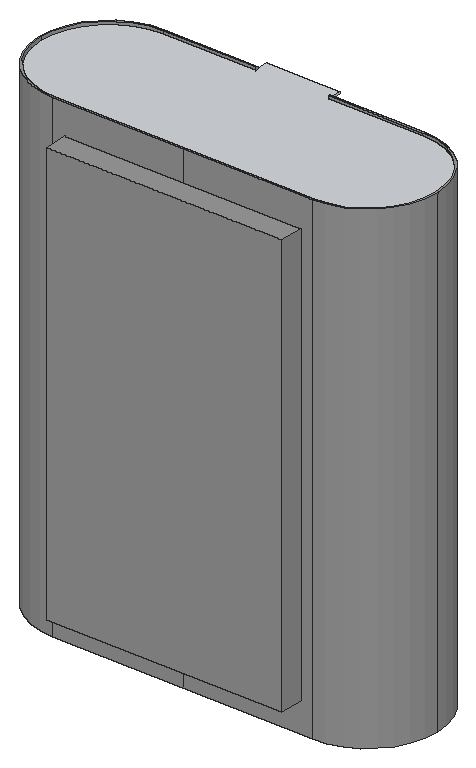
Revit family "3300 Bjørk_Sanitary bin", category Furniture Systems, host Wall, Revit 2018
Family settings
  Host = Wall
  Round Connector Dimension = Use Diameter
  Part Type = Normal
  Always vertical = Yes
  Cut with Voids When Loaded = No
  Shared = No
  Room Calculation Point = No
Parameters (values of type "WHITE")
  Surface Top = WHITE
  Surface Frame = WHITE
  Surface Bottom = WHITE
  Open = no
  Offset from floor = 150 mm
  Closed = yes
Reference planes
  plane 1 "Wall": y = 0
  plane 2 "Center (Left/Right)": x = 125
  plane 3 "Back": y = 75
Text (mm)
  text "Placement Side" at (-1848.837, 1116.779, 0), in view "Ref. Level"
  text "Placement side" at (0, 1409.804, 2854.306), in view "Left"
  text "Placement side" at (0, 499.811, 2980.732), in view "Right"
Dimensions and locks
  locked: plane 3 "Back" to host wall
  "Offset from floor": nested 1 to level
  aligned and locked: plane 1 "Wall" to host wall
  aligned and locked: plane 3 "Back" to nested 1
Nested families
  nested 1: "Master Björk Sanitary bin" at (125, 151.5, 150) x (-1, 0, 0) z (0, 0, 1), type "Master Björk Sanitary bin"
    with Open no
Definition of nested family "Master Björk Sanitary bin"
  Parameters (values of type "Master Björk Sanitary bin")
    Surface Top = none
    Surface Frame = none
    Surface Bottom = none
    Open = yes
    Closed = yes
  Reference planes
    plane 1 "Center (Front/Back)": y = 0
    plane 2: z = 0
    plane 3 "Center (Left/Right)": x = 0
  Dimensions and locks
    aligned and locked: level to plane 2
  Nested families
    nested 1: "Top - Bottom" at (0, 0, 0), visible <- "Closed", type "Top - Bottom"
    nested 2: "Frame" at (0, 0, 0), type "Frame"
    nested 3: "Top - Bottom Open" at (0, 0, 0), visible <- "Open", type "Top - Bottom Open"
  Definition of nested family "Top - Bottom"
    Parameters (values of type "Top - Bottom")
      Surface Frame = none
      Surface Bottom = none
    Reference planes
      plane 1 "Center (Front/Back)": y = 0
      plane 2: z = 0
      plane 3 "Center (Left/Right)": x = 0
    Forms (mm)
      Extrusion 1, solid, material <- "Surface Bottom"
        sketch origin (0, 129.723, 20) x (0, -1, 0) y (1, 0, 0)
          loop
            arc (73.723, -107.5) -> (90.125, -147.098) -> (129.723, -163.5) r 56
            arc (129.723, -163.5) -> (169.321, -147.098) -> (185.723, -107.5) r 56
            line (185.723, -107.5) -> (185.723, 107.5)
            arc (185.723, 107.5) -> (169.321, 147.098) -> (129.723, 163.5) r 56
            arc (129.723, 163.5) -> (90.125, 147.098) -> (73.723, 107.5) r 56
            line (73.723, 107.5) -> (73.723, -107.5)
        from 0 to 1.5
      Extrusion 2, solid
        sketch origin (0, 129.723, 396.5) x (0, -1, 0) y (1, 0, 0)
          loop
            arc (73.723, -107.5) -> (90.125, -147.098) -> (129.723, -163.5) r 56
            arc (129.723, -163.5) -> (169.321, -147.098) -> (185.723, -107.5) r 56
            line (185.723, -107.5) -> (185.723, -30) -> (197.223, -30) -> (197.223, 0) -> (197.223, 30) -> (185.723, 30) -> (185.723, 107.5)
            arc (185.723, 107.5) -> (169.321, 147.098) -> (129.723, 163.5) r 56
            arc (129.723, 163.5) -> (90.125, 147.098) -> (73.723, 107.5) r 56
            line (73.723, 107.5) -> (73.723, -107.5)
        from 0 to 1.5
    Lines and regions (mm)
      reference lines
        curve 1: line (0, 129.723, 396.5) -> (0, -190.277, 396.5)
        curve 2: line (0, 129.723, 20) -> (0, -150.277, 20)
    Dimensions and locks
      aligned and locked: level to plane 2
  Definition of nested family "Frame"
    Parameters (values of type "Frame")
      Surface Top = none
      Surface Frame = none
      Surface Bottom = none
    Reference planes
      plane 1 "Center (Front/Back)": y = 0
      plane 2: z = 0
      plane 3 "Center (Left/Right)": x = 0
    Forms (mm)
      Extrusion 1, solid, material <- "Surface Frame"
        sketch origin (0, 0, 0) x (1, 0, 0) y (0, 1, 0)
          loop
            line (0, 57.5) -> (-107.5, 57.5)
            arc (-107.5, 57.5) -> (-148.159, 40.659) -> (-165, 0) r 57.5
            arc (-165, 0) -> (-148.159, -40.659) -> (-107.5, -57.5) r 57.5
            line (-107.5, -57.5) -> (0, -57.5) -> (107.5, -57.5)
            arc (107.5, -57.5) -> (148.159, -40.659) -> (165, 0) r 57.5
            arc (165, 0) -> (148.159, 40.659) -> (107.5, 57.5) r 57.5
            line (107.5, 57.5) -> (0, 57.5)
          loop
            arc (-107.5, 56) -> (-147.098, 39.598) -> (-163.5, 0) r 56
            arc (-163.5, 0) -> (-147.098, -39.598) -> (-107.5, -56) r 56
            line (-107.5, -56) -> (107.5, -56)
            arc (107.5, -56) -> (147.098, -39.598) -> (163.5, 0) r 56
            arc (163.5, 0) -> (147.098, 39.598) -> (107.5, 56) r 56
            line (107.5, 56) -> (-107.5, 56)
        from 0 to 400
      Extrusion 2, solid, material <- "Surface Frame"
        sketch origin (0, 57.5, 0) x (-1, 0, 0) y (0, 0, 1)
          loop
            line (-97.5, 375) -> (-97.5, 25) -> (97.5, 25) -> (97.5, 375) -> (-97.5, 375)
        from 0 to 19
      Extrusion 3, void
        sketch origin (0, 0, 0) x (1, 0, 0) y (0, 1, 0)
          loop
            line (-30, -53.768) -> (-30, -68.768) -> (30, -68.768) -> (30, -53.768) -> (-30, -53.768)
        from 396.5 to 403.782
    Cuts and joins
      Extrusion 3 cuts Extrusion 1
    Dimensions and locks
      cut or joined group of Extrusion 1, Extrusion 3 to cut or joined group of Extrusion 1, Extrusion 3 = 3.5 mm
      aligned and locked: level to plane 2
  Definition of nested family "Top - Bottom Open"
    Parameters (values of type "Top - Bottom Open")
      Surface Frame = none
      Surface Bottom = none
    Reference planes
      plane 1 "Center (Front/Back)": y = 0
      plane 2: z = 0
      plane 3 "Center (Left/Right)": x = 0
    Forms (mm)
      Extrusion 1, solid, material <- "Surface Bottom"
        sketch origin (0, 129.723, 20) x (0, -1, 0) y (1, 0, 0)
          loop
            arc (73.723, -107.5) -> (90.125, -147.098) -> (129.723, -163.5) r 56
            arc (129.723, -163.5) -> (169.321, -147.098) -> (185.723, -107.5) r 56
            line (185.723, -107.5) -> (185.723, 107.5)
            arc (185.723, 107.5) -> (169.321, 147.098) -> (129.723, 163.5) r 56
            arc (129.723, 163.5) -> (90.125, 147.098) -> (73.723, 107.5) r 56
            line (73.723, 107.5) -> (73.723, -107.5)
        from 0 to 1.5
      Extrusion 2, solid
        sketch origin (0, 54.5, 324.277) x (0, 0, 1) y (1, 0, 0)
          loop
            arc (73.723, -107.5) -> (90.125, -147.098) -> (129.723, -163.5) r 56
            arc (129.723, -163.5) -> (169.321, -147.098) -> (185.723, -107.5) r 56
            line (185.723, -107.5) -> (185.723, -30) -> (197.223, -30) -> (197.223, 0) -> (197.223, 30) -> (185.723, 30) -> (185.723, 107.5)
            arc (185.723, 107.5) -> (169.321, 147.098) -> (129.723, 163.5) r 56
            arc (129.723, 163.5) -> (90.125, 147.098) -> (73.723, 107.5) r 56
            line (73.723, 107.5) -> (73.723, -107.5)
        from 0 to 1.5
    Lines and regions (mm)
      reference lines
        curve 1: line (0, 129.723, 396.5) -> (0, -190.277, 396.5)
        curve 2: line (0, 129.723, 20) -> (0, -150.277, 20)
    Dimensions and locks
      aligned and locked: level to plane 2
